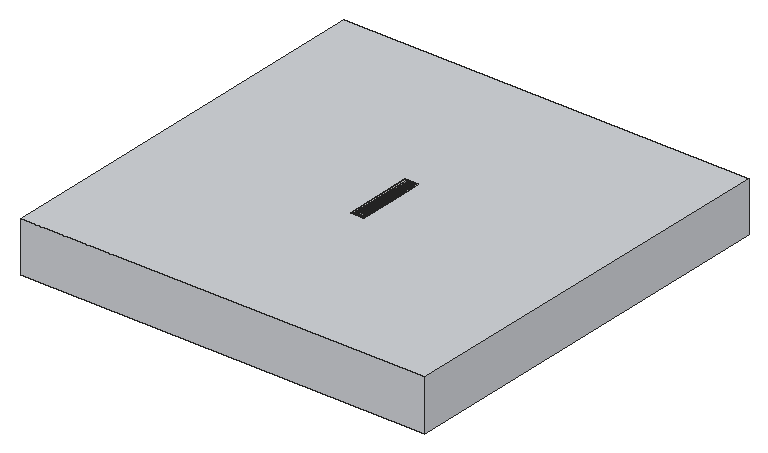
Revit family
Parameters (values of type "LD1200SD")
  URL = "http://www.productspec.net/products/30296/holyoake-industries/linear-diffusers-ld-1200.aspx"
  Frame Style [instance] = 0
  Type Comments = "Linear Diffuser"  # constant formula
  Style 5 [instance] = Frame Style = 5  # no
  Style 1 [instance] = Frame Style = 1  # no
  Style PMF [instance] = Frame Style = 0  # yes
  Overall Width [instance] = Exact Neck Width + 2 * Flange Width  # 80.10 mm
  Overall Height [instance] = Exact Neck Height + 2 * Flange Width  # 411.60 mm
  Opening Width [instance] = Nominal Width - 20.00 mm  # 67.50 mm
  Opening Height [instance] = Nominal Height - 20.00 mm  # 399.00 mm
  Nominal Width [instance] = 87.50 mm
  Nominal Height [instance] = 419.00 mm
  Model = "LD-1200SD"
  Manufacturer = "Holyoake Industries Ltd"  # constant formula
  LD1215SD = not(LD1200SD)  # no
  LD1200SD = yes
  Frame and Bars [instance] = Alloy - Holyoake
  Flange Width [instance] = if(Frame Style = 1, 23.85 mm, if(Frame Style = 5, 15.60 mm, 4.80 mm))  # 4.80 mm
  Flange Thickness [instance] = if(Frame Style = 1, 1.55 mm, if(Frame Style = 5, 1.40 mm, 1.50 mm))  # 1.50 mm
  Exact Neck Width [instance] = Opening Width + 2 * Flange Thickness  # 70.50 mm
  Exact Neck Height [instance] = Opening Height + 2 * Flange Thickness  # 402.00 mm
  Engineering Data [instance] = "http://admin.productspec.net/nas/TechnicalFiles/2367/p30296/B15-B22%20LD.pdf"
  Description = "Ideal for apartment and hotel rooms; fixed blades at the front and adjustable blades behind; available in any desired length; supplied with alternative frame types including the PMF system."  # constant formula
  Depth [instance] = if(Frame Style = 1, 22.35 mm, if(Frame Style = 5, 45.50 mm, 61.00 mm))  # 61.00 mm
  Default Elevation = 1000.00 mm
  Created By = "Productspec Ltd"  # constant formula
  Choose Frame Style [instance] = "Style = 0, 1, or 5"  # constant formula
  Blades [instance] = "Fixed blades at the front and adjustable blades behind allowing the supply air to be directed horizontally"  # constant formula
  Blade Thickness = 3.20 mm
  Bar Width = 3.20 mm  # constant formula
  Bar Spacing = 12.50 mm  # constant formula
  Bar Offset [instance] = (Opening Width - Bar Width * Bar Number - (Bar Spacing - Bar Width) * (Bar Number - 1)) / 2 + Bar Width / 2  # 8.75 mm
  Bar Number [instance] = Opening Width / Bar Spacing  # 5
  Author = "DZZ"  # constant formula
Types (3, lengths in mm): name | URL | Model | LD1215SD | LD1200SD | Blade Thickness
  (no name) | "http://www.productspec.net/products/30296/holyoake-industries/linear-diffusers-ld-1200.aspx" | "LD-1200SD" | no | yes | 3.20
  LD1200SD | "http://www.productspec.net/products/30296/holyoake-industries/linear-diffusers-ld-1200.aspx" | "LD-1200SD" | no | yes | 3.20
  LD1215SD | "http://www.productspec.net/products/30297/holyoake-industries/linear-diffusers-ld1215.aspx" | "LD-1215SD" | yes | no | 5.15
Reference planes
  plane 1 "Center (Front/Back)": y = 0
  plane 2: z = 0.003
  plane 3 "Center (Left/Right)": x = 0
  plane 4: x = -33.75
  plane 5: x = 33.75
  plane 6: y = -199.5
  plane 7: y = 199.5
  plane 8: x = -43.75
  plane 9: x = 43.75
  plane 10: y = 210
  plane 11: y = -209
  plane 12 "Bottom": z = -60.997
  plane 13: x = -25
  plane 14: x = -12.5
  plane 15: x = 17.5
  plane 16: x = -35.25
  plane 17: x = 35.25
  plane 18: x = -40.05
  plane 19: x = 40.05
  plane 20: y = 201
  plane 21: y = -201
  plane 22: y = 205.8
  plane 23: y = -205.8
Forms (mm)
  Extrusion 1, solid
    sketch origin (0, 0, 0) x (1, 0, 0) y (0, 1, 0)
      loop
        line (-1219.2, 1219.2) -> (-1219.2, -1219.2) -> (1219.2, -1219.2) -> (1219.2, 1219.2) -> (-1219.2, 1219.2)
    from 0.003 to -304.8
  Sweep 2, solid, material "Alloy - Holyoake" <- "Frame and Bars", visible <- "Style 1", detail levels medium+fine
    path origin (0, 0, 0) x (1, 0, 0) y (0, 1, 0)
      loop
        line (-33.75, 199.5) -> (-33.75, -199.5) -> (33.75, -199.5) -> (33.75, 199.5) -> (-33.75, 199.5)
    profile "Holyoake_TradeLineSurround_profile : Trade Line Surround Profile" origin (-33.75, 0, 0) x (1, 0, 0) y (0, 0, 1)
      loop
        line (-25.4, 0) -> (-24.014, 0) -> (-22.223, 3.103) -> (-19.05, 3.103) -> (-19.05, 0.5) -> (-16.876, 0.5)
        arc (-16.876, 0.5) -> (-16.35, 1.026) -> (-16.876, 1.553) r 0.526
        line (-16.876, 1.553) -> (-17.9, 1.553) -> (-17.9, 3.103) -> (-3.5, 3.103) -> (-3.5, 1.553) -> (-4.524, 1.553)
        arc (-4.524, 1.553) -> (-5.05, 1.026) -> (-4.524, 0.5) r 0.526
        line (-4.524, 0.5) -> (-3.501, 0.5)
        arc (-3.501, 0.5) -> (-3.207, 0.114) -> (-2.757, 0.295) r 0.4
        line (-2.757, 0.295) -> (-1.55, 2.386) -> (-1.55, -22.347) -> (0, -22.347) -> (0, 1.553) -> (5, 1.553) -> (5, 3.103) -> (1.55, 3.103) -> (1.55, 4.653) -> (-22.714, 4.653) -> (-25.4, 0)
  Extrusion 3, solid, material "Alloy - Holyoake" <- "Frame and Bars", detail levels coarse+medium
    sketch origin (0, 0, -60.997) x (-1, 0, 0) y (0, -1, 0)
      loop
        line (33.75, -199.5) -> (33.75, 199.5) -> (-33.75, 199.5) -> (-33.75, -199.5) -> (33.75, -199.5)
    from 0 to 61 <- "Depth"
  Sweep 4, solid, material "Alloy - Holyoake" <- "Frame and Bars", visible <- "Style PMF", detail levels medium+fine
    path origin (0, 0, 0) x (1, 0, 0) y (0, 1, 0)
      loop
        line (-33.75, 199.5) -> (-33.75, -199.5) -> (33.75, -199.5) -> (33.75, 199.5) -> (-33.75, 199.5)
    profile "Holyoake_LinearDiffuser_PMF_FlangelessSurround : PMF Flangeless Surround" origin (-33.75, 0, 0) x (1, 0, 0) y (0, 0, 1)
      loop
        line (-6.3, 1.5) -> (-6.3, 0) -> (-1.5, 0) -> (-1.5, -15.65) -> (-0.7, -15.65) -> (-0.7, -18.65) -> (0.6, -18.65) -> (0.6, -15.65) -> (2.5, -15.65) -> (2.5, -35.65) -> (0.6, -35.65) -> (0.6, -32.65) -> (-0.7, -32.65) -> (-0.7, -35.65) -> (-1.5, -35.65) -> (-1.5, -37.05) -> (6.9, -37.05) -> (6.9, -61) -> (8.4, -61) -> (8.4, -34.75) -> (7.6, -34.75) -> (7.6, -35.55) -> (4, -35.55) -> (4, -28.6) -> (8.4, -28.6) -> (8.4, -27.1) -> (4, -27.1) -> (4, -14.15) -> (0, -14.15) -> (0, 1.5) -> (-6.3, 1.5)
  Sweep 5, solid, material "Alloy - Holyoake" <- "Frame and Bars", visible <- "Style 5", detail levels medium+fine
    path origin (0, 0, 0) x (1, 0, 0) y (0, 1, 0)
      loop
        line (-33.75, 199.5) -> (-33.75, -199.5) -> (33.75, -199.5) -> (33.75, 199.5) -> (-33.75, 199.5)
    profile "Holyoake_LinearDiffuser_LDVB_Surround : LDVB Surround Profile" origin (-33.75, 0, 0) x (1, 0, 0) y (0, 0, 1)
      loop
        line (0, 4.5) -> (-14.5, 4.5) -> (-17, 2) -> (-17, 0) -> (-15.8, 0) -> (-15.8, 1.786) -> (-15, 2.586) -> (-15, 0.6) -> (-12.45, 0.6) -> (-12.45, 1.6) -> (-14, 1.6) -> (-14, 3.3) -> (-4.4, 3.3) -> (-4.4, 1.6) -> (-5.95, 1.6) -> (-5.95, 0.6) -> (-3.4, 0.6) -> (-3.4, 2.3)
        arc (-3.4, 2.3) -> (-2.4, 3.3) -> (-1.4, 2.3) r 1
        line (-1.4, 2.3) -> (-1.4, -45.5) -> (0, -45.5) -> (0, 4.5)
Dimensions and locks
  equal spacing: plane 4, plane 3 "Center (Left/Right)", plane 5
  "Opening Width": plane 4 to plane 5
  equal spacing: plane 6, plane 1 "Center (Front/Back)", plane 7
  "Opening Height": plane 6 to plane 7
  locked: plane 11 to plane 6 at 9.5
  "Nominal Height": plane 11 to plane 10
  "Nominal Width": plane 8 to plane 9
  "Depth": plane 2 to plane 12 "Bottom"
  "Bar Offset": plane 13 to plane 4
  "Bar Spacing": plane 14 to plane 13
  equal spacing: group 1, group 2, group 5, group 6, group 7  (x3)
  equal spacing: group 3, group 4, group 8, group 9, group 10  (x3)
  "Flange Thickness": plane 4 to plane 16
  "Flange Width": plane 16 to plane 18
  "Exact Neck Width": plane 16 to plane 17
  "Overall Width": plane 18 to plane 19
  "Flange Thickness": plane 20 to plane 7
  "Flange Width": plane 22 to plane 20
  "Exact Neck Height": plane 21 to plane 20
  "Overall Height": plane 23 to plane 22
  equal spacing: plane 18, plane 3 "Center (Left/Right)", plane 19
  equal spacing: plane 8, plane 3 "Center (Left/Right)", plane 9
  equal spacing: plane 16, plane 3 "Center (Left/Right)", plane 17
  aligned and locked: plane 2 to Extrusion 1
  aligned and locked: Sweep 2 sketch curve to plane 4
  aligned and locked: Sweep 2 sketch curve to plane 7
  aligned and locked: plane 5 to Sweep 2 sketch curve
  aligned and locked: plane 6 to Sweep 2 sketch curve
  aligned and locked: plane 13 to nested 1
  aligned and locked: plane 2 to nested 1
  aligned and locked: nested 1 to plane 1 "Center (Front/Back)"
  aligned and locked: nested 2 to plane 1 "Center (Front/Back)"
  aligned and locked: plane 4 to Extrusion 3 sketch curve
  aligned and locked: plane 7 to Extrusion 3 sketch curve
  aligned and locked: plane 6 to Extrusion 3 sketch curve
  aligned and locked: Extrusion 3 sketch curve to plane 5
  aligned and locked: Sweep 4 sketch curve to plane 4
  aligned and locked: Sweep 4 sketch curve to plane 7
  aligned and locked: plane 5 to Sweep 4 sketch curve
  aligned and locked: plane 6 to Sweep 4 sketch curve
  aligned and locked: Sweep 5 sketch curve to plane 7
  aligned and locked: Sweep 5 sketch curve to plane 4
  aligned and locked: plane 5 to Sweep 5 sketch curve
  aligned and locked: plane 6 to Sweep 5 sketch curve
  aligned and locked: plane 13 to nested 3
  aligned and locked: plane 2 to nested 3
  aligned and locked: nested 3 to plane 1 "Center (Front/Back)"
  aligned and locked: plane 14 to nested 4
  aligned and locked: plane 2 to nested 4
  aligned and locked: nested 4 to plane 1 "Center (Front/Back)"
  aligned and locked: plane 2 to nested 2
  aligned and locked: plane 14 to nested 2
Automatic sketch dimensions
  Extrusion 1 sketch curve to Extrusion 1 sketch curve = 2438.40 mm  (x2)
Nested families
  nested 1: "Holyoake_LinearDiffuser_LD600_1200_Blade" at (-25, 0, 0.003) x (0, 1, 0) z (0, 0, 1), visible <- "LD1200SD", type "LD600/1200 Blade"
  nested 2: "Holyoake_LinearDiffuser_LD600_1200_Blade" at (-12.5, 0, 0.003) x (0, 1, 0) z (0, 0, 1), visible <- "LD1200SD", type "LD600/1200 Blade"
  nested 3: "Holyoake_LinearDiffuser_LD615_1215_Blade" at (-25, 0, 0.003) x (0, 1, 0) z (0, 0, 1), visible <- "LD1215SD", type "LD615/1215 Blade"
  nested 4: "Holyoake_LinearDiffuser_LD615_1215_Blade" at (-12.5, 0, 0.003) x (0, 1, 0) z (0, 0, 1), visible <- "LD1215SD", type "LD615/1215 Blade"
  nested 5: "Holyoake_LinearDiffuser_LD600_1200_Blade" at (0, 0, 0.003) x (0, 1, 0) z (0, 0, 1), visible <- "LD1200SD", type "LD600/1200 Blade"
  nested 6: "Holyoake_LinearDiffuser_LD600_1200_Blade" at (12.5, 0, 0.003) x (0, 1, 0) z (0, 0, 1), visible <- "LD1200SD", type "LD600/1200 Blade"
  nested 7: "Holyoake_LinearDiffuser_LD600_1200_Blade" at (25, 0, 0.003) x (0, 1, 0) z (0, 0, 1), visible <- "LD1200SD", type "LD600/1200 Blade"
  nested 8: "Holyoake_LinearDiffuser_LD615_1215_Blade" at (0, 0, 0.003) x (0, 1, 0) z (0, 0, 1), visible <- "LD1215SD", type "LD615/1215 Blade"
  nested 9: "Holyoake_LinearDiffuser_LD615_1215_Blade" at (12.5, 0, 0.003) x (0, 1, 0) z (0, 0, 1), visible <- "LD1215SD", type "LD615/1215 Blade"
  nested 10: "Holyoake_LinearDiffuser_LD615_1215_Blade" at (25, 0, 0.003) x (0, 1, 0) z (0, 0, 1), visible <- "LD1215SD", type "LD615/1215 Blade"
Connectors
  hvac at (0, 0, -60.997), driven by "Exact Neck Height", driven by "Exact Neck Width"
    settings: on Extrusion 3, index 1
Definition of nested family "Holyoake_LinearDiffuser_LD600_1200_Blade"
  Parameters (values of type "LD600/1200 Blade")
    Width = 3.20 mm  # constant formula
    Model = "LD600/1200 Blade"  # constant formula
    Manufacturer = "Holyoake Industries Ltd"  # constant formula
    Length = 400.00 mm
    Description = ""
    Created By = "Productspec Ltd"  # constant formula
    Blade = Alloy - Holyoake
    Author = "DZZ"  # constant formula
    Assembly Code = ""
  Reference planes
    plane 1 "Center": y = 0
    plane 2: z = 0
    plane 3 "Center (Left/Right)": x = 0
    plane 4: x = -200
    plane 5: x = 200
    plane 6: y = -1.6
    plane 7: y = 1.6
  Forms (mm)
    Sweep 1, solid, material "Alloy - Holyoake" <- "Blade", detail levels fine
      path origin (0, 0, 0) x (1, 0, 0) y (0, 1, 0)
        loop
          line (-200, 0) -> (200, 0)
      profile "Holyoake_LinearDiffuser_LD600_1200_Blade_profile : Holyoake_LinearDiffuser_LD600_1200_Blade_profile" origin (0, 0, 0) x (0, 1, 0) y (0, 0, 1)
        loop
          line (1.6, 0) -> (-1.6, 0) -> (-1.6, -1.547)
          arc (-1.6, -1.547) -> (-1.286, -2.415) -> (-1.18, -3.331) r 4
          line (-1.18, -3.331) -> (-1.18, -14.67)
          arc (-1.18, -14.67) -> (0, -15.85) -> (1.18, -14.67) r 1.18
          line (1.18, -14.67) -> (1.18, -3.331)
          arc (1.18, -3.331) -> (1.286, -2.415) -> (1.6, -1.547) r 4
          line (1.6, -1.547) -> (1.6, 0)
  Dimensions and locks
    "Length": plane 4 to plane 5
    equal spacing: plane 4, plane 3 "Center (Left/Right)", plane 5
    equal spacing: plane 7, plane 1 "Center", plane 6
    "Width": plane 7 to plane 6
    aligned and locked: Sweep 1 to plane 4
    aligned and locked: Sweep 1 to plane 5
  Automatic sketch dimensions
    Sweep 1 sketch curve to plane 1 "Center" = 0.00 mm
    Sweep 1 sketch curve to plane 4 = 0.00 mm
    Sweep 1 sketch curve to plane 5 = 0.00 mm
Definition of nested family "Holyoake_LinearDiffuser_LD615_1215_Blade"
  Parameters (values of type "LD615/1215 Blade")
    Width = 5.15 mm  # constant formula
    Model = "LD615/1215 Blade"  # constant formula
    Manufacturer = "Holyoake Industries Ltd"  # constant formula
    Length = 400.00 mm
    Description = ""
    Created By = "Productspec Ltd"  # constant formula
    Blade = Alloy - Holyoake
    Author = "DZZ"  # constant formula
    Assembly Code = ""
  Reference planes
    plane 1 "Center": y = 0
    plane 2: z = 0
    plane 3 "Center (Left/Right)": x = 0
    plane 4: x = -200
    plane 5: x = 200
    plane 6: y = -2.575
    plane 7: y = 2.575
  Forms (mm)
    Sweep 1, solid, material "Alloy - Holyoake" <- "Blade", detail levels fine
      path origin (0, 0, 0) x (1, 0, 0) y (0, 1, 0)
        loop
          line (-200, 0) -> (200, 0)
      profile "Holyoake_LinearDiffuser_LD1215-615_Blade_profile : Holyoake_LinearDiffuser_LD1215-615_Blade_profile" origin (0, 0, 0) x (0, 1, 0) y (0, 0, 1)
        loop
          line (0.595, 0) -> (-2.575, 0) -> (-0.925, -5.725) -> (-0.925, -14.69)
          arc (-0.925, -14.69) -> (0.255, -15.87) -> (1.435, -14.69) r 1.18
          line (1.435, -14.69) -> (1.435, -6.87) -> (2.575, -6.87) -> (0.595, 0)
  Dimensions and locks
    "Length": plane 4 to plane 5
    equal spacing: plane 4, plane 3 "Center (Left/Right)", plane 5
    equal spacing: plane 7, plane 1 "Center", plane 6
    "Width": plane 7 to plane 6
    aligned and locked: Sweep 1 to plane 4
    aligned and locked: Sweep 1 to plane 5
  Automatic sketch dimensions
    Sweep 1 sketch curve to plane 1 "Center" = 0.00 mm
    Sweep 1 sketch curve to plane 4 = 0.00 mm
    Sweep 1 sketch curve to plane 5 = 0.00 mm
